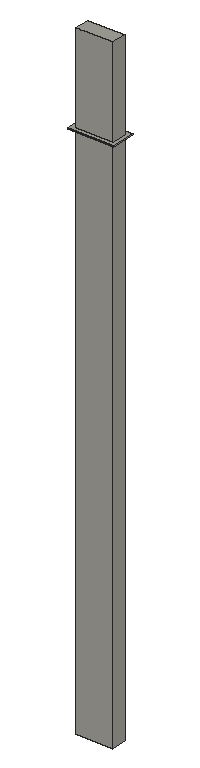
Revit family "Haworth_ComposeConnections_TopFeed", category Furniture Systems, Revit 2018
Family settings
  Round Connector Dimension = Use Diameter
  Part Type = Normal
  OmniClass Number = 23.40.70.14.64.21
  OmniClass Title = Systems Furniture
  Work Plane-Based = No
  Always vertical = Yes
  Cut with Voids When Loaded = No
  Shared = No
  Room Calculation Point = No
Parameters (values of type "Top Mount - 12' Ceiling Height")
  Warranty = "http://www.haworth.com/resources/product-info/warranties"
  URL - Product = "http://www.haworth.com/products/workspaces/panel-based/compose"
  URL = "www.haworth.com"
  Trim Finish = Haworth _ Paint _ Gray Tone
  Top Trim Offset = if(Top Mount, 1", 1 3/4")  # 1"
  Top Mount = yes
  Sustainability Info = "http://media.haworth.com/asset/2999/Compose%20PEDS.pdf"
  Pole Length = if([10' Ceiling Height], 119", 138")  # 138"
  Model = "VZET"  # constant formula
  End of Run Mount = not(Top Mount)  # no
  Description = "Haworth - Compose Connections - TopFeed - End of Run Mount"  # constant formula
  Bottom Height = if(Top Mount, 25 1/2", 1/2")  # 25 1/2"
  Actual Width = if(Top Mount, 8", 3")  # 8"
  Size = "Verify Final Dim. w/ Haworth"  # constant formula
  Revision Number = "3"  # constant formula
  Post Depth = if(Top Mount, 3 1/4", 3")  # 3 1/4"
  Manufacturer = "Haworth"  # constant formula
  Ceiling Height = if([10' Ceiling Height], 120", 144")  # 144"
  Author = "Haworth (Hampton)"  # constant formula
  Assembly Code = "E2020500"
  12' Ceiling Height = not([10' Ceiling Height])  # yes
  10' Ceiling Height = no
Types (4): name | Top Trim Offset | Top Mount | Pole Length | End of Run Mount | Bottom Height | Actual Width | Post Depth | Ceiling Height | 12' Ceiling Height | 10' Ceiling Height
  Top Mount - 10' Ceiling Height | 1" | yes | 119" | no | 25 1/2" | 8" | 3 1/4" | 120" | no | yes
  End of Run Mount - 10' Ceiling Height | 1 3/4" | no | 119" | yes | 1/2" | 3" | 3" | 120" | no | yes
  End of Run Mount - 12' Ceiling Height | 1 3/4" | no | 138" | yes | 1/2" | 3" | 3" | 144" | yes | no
  Top Mount - 12' Ceiling Height | 1" | yes | 138" | no | 25 1/2" | 8" | 3 1/4" | 144" | yes | no
Reference planes (in)
  plane 1 "Center F/B": y = 0
  plane 2: z = 25.5
  plane 3 "Center L/R": x = 1.5
  plane 4 "Back": y = 1.625
  plane 5 "Front": y = -1.625
  plane 6 "Right": x = 5.5
  plane 7 "Top": z = 144
  plane 8 "Post Top": z = 143.875
  plane 9: x = -2.5
  plane 10: x = -3.5
  plane 11: x = 6.5
  plane 12: y = 2.625
  plane 13: y = -2.625
  plane 14 "Pole Top": z = 163.5
Forms (in)
  Extrusion 1, solid, material "Haworth _ Paint _ Gray Tone" <- "Trim Finish"
    sketch origin (-1.5, 0, 0) x (1, 0, 0) y (0, 1, 0)
      loop
        line (-1, 1.625) -> (-1, -1.625) -> (7, -1.625) -> (7, 1.625) -> (-1, 1.625)
    from 25.5 to 163.5
  Extrusion 2, solid, material "Haworth _ Paint _ Gray Tone" <- "Trim Finish"
    sketch origin (4.39832, -1.625, -5.21744) x (-1, 0, 0) y (0, 0, 1)
      loop
        line (7.89832, 149.21744) -> (-2.10168, 149.21744) -> (-2.10168, 149.09244) -> (7.89832, 149.09244) -> (7.89832, 149.21744)
    from -1 to 4.25
Lines and regions (in)
  Masking region 1
    outline origin (0, 0, 0) x (1, 0, 0) y (0, 1, 0)
      loop
        line (-2.5, 1.625) -> (-2.5, -1.625) -> (5.5, -1.625) -> (5.5, 1.625) -> (-2.5, 1.625)
Dimensions and locks (in)
  equal spacing: plane 4 "Back", plane 1 "Center F/B", plane 5 "Front"
  "Post Depth": plane 4 "Back" to plane 5 "Front"
  "Ceiling Height": plane 7 "Top" to level
  locked: plane 7 "Top" to plane 8 "Post Top" at 0.125
  equal spacing: plane 9, plane 3 "Center L/R", plane 6 "Right"
  "Actual Width": plane 9 to plane 6 "Right"
  "Bottom Height": plane 2 to level
  "Top Trim Offset": plane 10 to plane 9
  "Top Trim Offset": plane 6 "Right" to plane 11
  "Top Trim Offset": plane 13 to plane 5 "Front"
  "Top Trim Offset": plane 12 to plane 4 "Back"
  "Pole Length": plane 14 "Pole Top" to plane 2
  aligned and locked: Extrusion 1 sketch curve to plane 4 "Back"
  aligned and locked: plane 5 "Front" to Extrusion 1 sketch curve
  aligned: Extrusion 1 sketch curve to plane 6 "Right"
  aligned: plane 7 "Top" to Extrusion 1  (x4)
  aligned and locked: plane 8 "Post Top" to Extrusion 2 sketch curve
  aligned and locked: plane 6 "Right" to Extrusion 1
  aligned and locked: Extrusion 1 sketch curve to plane 9
  aligned and locked: Extrusion 2 sketch curve to plane 7 "Top"
  aligned and locked: Extrusion 1 to plane 2
  aligned and locked: Masking region 1 sketch curve to plane 6 "Right"
  aligned and locked: plane 5 "Front" to Masking region 1 sketch curve
  aligned and locked: Masking region 1 sketch curve to plane 9
  aligned and locked: Masking region 1 sketch curve to plane 4 "Back"
  aligned and locked: Extrusion 2 to plane 13
  aligned and locked: plane 12 to Extrusion 2
  aligned and locked: plane 11 to Extrusion 2
  aligned and locked: Extrusion 2 to plane 10
  aligned and locked: plane 14 "Pole Top" to Extrusion 1
Automatic sketch dimensions
  plane 6 "Right" to Extrusion 2 sketch curve = 1"
  Extrusion 2 sketch curve to plane 3 "Center L/R" = 5"
